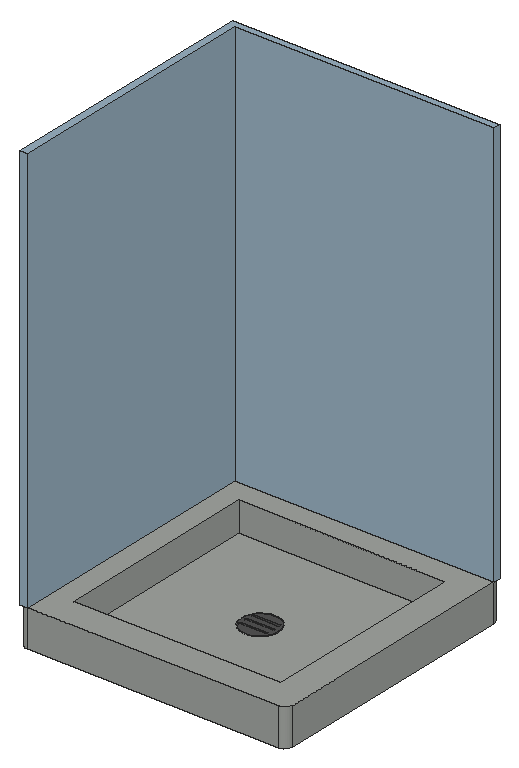
Revit family "Shower_Stall", category Plumbing Fixtures, Revit 2016
Family settings
  Part Type = Normal
  Round Connector Dimension = Use Diameter
  Work Plane-Based = No
  Always vertical = Yes
  Cut with Voids When Loaded = No
  Shared = No
  Room Calculation Point = No
Parameters (values of type "Shower Pan")
  Width = 3' - 0"
  Tile Wall RT = Tile
  Tile Wall Lft = Tile
  Tile Pan Material = Tile (4)
  Hight = 5' - 0"
  Drain Material = Metal - Chrome
  Depth = 3' - 0"
  Assembly Code = ""
Types (2): name | Width
  Shower Pan | 3' - 0"
  Shower Pan ENS AUS | 4' - 11.05512"
Reference planes (in)
  plane 1 "Center (Front/Back)": y = 3
  plane 2: z = 0
  plane 3 "Center (Left/Right)": x = -3
  plane 4: x = -21
  plane 5: x = 15
  plane 6: y = 21
  plane 7: y = -15
  plane 8: z = 60
Forms (in)
  Extrusion 1, solid, material "Tile (4)" <- "Tile Pan Material"
    sketch origin (0, 0, 0) x (1, 0, 0) y (0, 1, 0)
      loop
        line (-21, 20) -> (-21, -14)
        arc (-21, -14) -> (-20.70711, -14.70711) -> (-20, -15) r 1
        line (-20, -15) -> (14, -15)
        arc (14, -15) -> (14.70711, -14.70711) -> (15, -14) r 1
        line (15, -14) -> (15, 20)
        arc (15, 20) -> (14.70711, 20.70711) -> (14, 21) r 1
        line (14, 21) -> (-20, 21)
        arc (-20, 21) -> (-20.70711, 20.70711) -> (-21, 20) r 1
    from 0 to 5
  Extrusion 2, void
    sketch origin (0, 0, 0) x (1, 0, 0) y (0, 1, 0)
      loop
        line (11, 17) -> (-17, 17) -> (-17, -11) -> (11, -11) -> (11, 17)
    from 1 to 5
  Extrusion 3, void
    sketch origin (0, 0, 0) x (1, 0, 0) y (0, 1, 0)
      loop
        circle (-3, 3) r 2.5
    from 0 to 1
  Extrusion 4, solid, material "Metal - Chrome" <- "Drain Material"
    sketch origin (0, 0, 0) x (1, 0, 0) y (0, 1, 0)
      loop
        circle (-3, 3) r 2.5
      loop
        arc (-4.75553, 4.24934) -> (-4.93021, 4.07465) -> (-4.75553, 3.89996) r 0.17469
        line (-4.75553, 3.89996) -> (-1.24447, 3.89996)
        arc (-1.24447, 3.89996) -> (-1.06979, 4.07465) -> (-1.24447, 4.24934) r 0.17469
        line (-1.24447, 4.24934) -> (-4.75553, 4.24934)
      loop
        arc (-4.75553, 3.17469) -> (-4.93021, 3) -> (-4.75553, 2.82531) r 0.17469
        line (-4.75553, 2.82531) -> (-1.24447, 2.82531)
        arc (-1.24447, 2.82531) -> (-1.06979, 3) -> (-1.24447, 3.17469) r 0.17469
        line (-1.24447, 3.17469) -> (-4.75553, 3.17469)
      loop
        line (-4.75553, 1.75066) -> (-1.24447, 1.75066)
        arc (-1.24447, 1.75066) -> (-1.06979, 1.92535) -> (-1.24447, 2.10004) r 0.17469
        line (-1.24447, 2.10004) -> (-4.75553, 2.10004)
        arc (-4.75553, 2.10004) -> (-4.93021, 1.92535) -> (-4.75553, 1.75066) r 0.17469
    from 0.75 to 1
  Extrusion 5, solid, material "Tile" <- "Tile Wall RT"
    sketch origin (0, 3, 0) x (1, 0, 0) y (0, 0, 1)
      loop
        line (-21, 5) -> (15, 5) -> (15, 60) -> (-21, 60) -> (-21, 5)
    from -18 to -17
  Extrusion 6, solid, material "Tile" <- "Tile Wall RT"
    sketch origin (-3, 0, 0) x (0, 1, 0) y (0, 0, 1)
      loop
        line (20, 5) -> (20, 60) -> (-15, 60) -> (-15, 5) -> (20, 5)
    from -18 to -17
Cuts and joins
  Extrusion 2, Extrusion 3 cuts Extrusion 1
  joined: Extrusion 5, Extrusion 6
Dimensions and locks (in)
  equal spacing: plane 4, plane 3 "Center (Left/Right)", plane 5
  "Width": plane 4 to plane 5
  equal spacing: plane 6, plane 1 "Center (Front/Back)", plane 7
  "Depth": plane 6 to plane 7
  Extrusion 1 to Extrusion 2 sketch curve = 0' - 4"
  "Hight": plane 8 to level
  locked: Extrusion 6 to plane 8 at 0
  locked: Extrusion 6 to plane 7 at 0
  locked: Extrusion 6 to plane 4 at 0
  locked: Extrusion 6 to Extrusion 6 at 1
  locked: Extrusion 5 to plane 6 at 1
  locked: Extrusion 5 to Extrusion 5 at 1
Automatic sketch dimensions
  Extrusion 1 sketch curve to plane 5 = 0' - 0"
  plane 4 to Extrusion 1 sketch curve = 0' - 1"
  Extrusion 1 sketch curve to plane 4 = 0' - 0"
  Extrusion 1 sketch curve to plane 6 = 0' - 0"
  Extrusion 1 sketch curve to plane 6 = 0' - 1"
  Extrusion 1 sketch curve to plane 5 = 0' - 1"
  Extrusion 1 sketch curve to plane 7 = 0' - 0"
  plane 7 to Extrusion 1 sketch curve = 0' - 1"
  Extrusion 2 sketch curve to plane 5 = 0' - 4"
  plane 4 to Extrusion 2 sketch curve = 0' - 4"
  Extrusion 2 sketch curve to plane 6 = 0' - 4"
  Extrusion 3 sketch curve to plane 1 "Center (Front/Back)" = 0' - 0"
  Extrusion 3 sketch curve to plane 3 "Center (Left/Right)" = 0' - 0"
  Extrusion 4 sketch curve to plane 1 "Center (Front/Back)" = 0' - 0"  (x2)
  Extrusion 4 sketch curve to plane 3 "Center (Left/Right)" = 0' - 0"
  Extrusion 4 sketch curve to plane 1 "Center (Front/Back)" = 0' - 0.17469"
  Extrusion 4 sketch curve to plane 3 "Center (Left/Right)" = 0' - 1.75553"
  Extrusion 4 sketch curve to Extrusion 4 sketch curve = 0' - 0"  (x4)
  plane 3 "Center (Left/Right)" to Extrusion 4 sketch curve = 0' - 1.75553"
  Extrusion 4 sketch curve to Extrusion 4 sketch curve = 0' - 0.72527"  (x2)
  Extrusion 4 sketch curve to Extrusion 4 sketch curve = 0' - 0.17469"  (x2)
  Extrusion 5 sketch curve to plane 4 = 0' - 0"
  Extrusion 5 sketch curve to plane 5 = 0' - 0"
  Extrusion 5 sketch curve to plane 8 = 0' - 0"
  level to Extrusion 5 sketch curve = 0' - 5"
  Extrusion 6 sketch curve to plane 7 = 0' - 0"
  Extrusion 6 sketch curve to plane 8 = 0' - 0"
  Extrusion 6 sketch curve to plane 6 = 0' - 1"
  level to Extrusion 6 sketch curve = 0' - 5"
  radius of Extrusion 3 sketch curve = 0' - 2 1/2"
  radius of Extrusion 4 sketch curve = 0' - 2 1/2"
